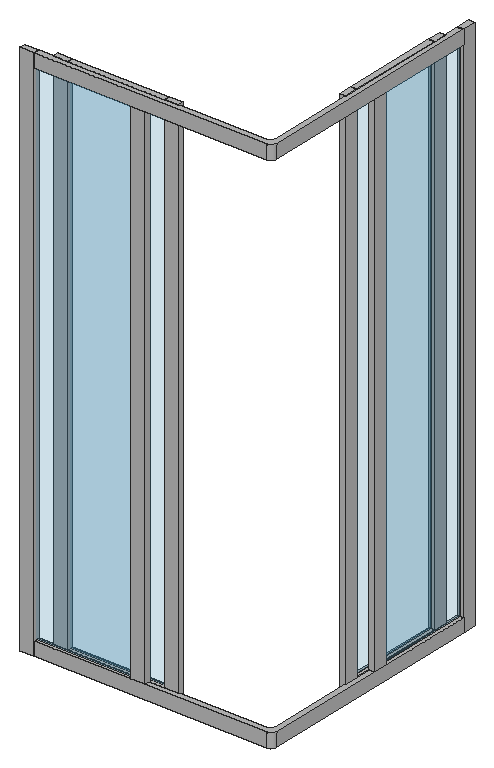
Revit family
Parameters (values of type "Ifö Solid, Toned glass, Aluminium profiles, 900mmx900mm")
  Width = 900 mm
  Vertical Profile Width = 20 mm
  Vertical Profile Height = 50 mm
  VVS Number = "673861492"
  URL = "www.maxsibbern.dk"
  Reseller = "Max Sibbern A/S"
  Profiles Top_Bottom = yes
  Profile Material = Ifö_Aluminium
  Pane Material = Ifö_Toned Glass
  Pane Height = if(Profiles Top_Bottom, (Height - 100 mm), Height)  # 1850 mm
  Model = "Ifö Sohwer Corner, Rectangular"
  Manufacturer = "Ifö"
  Length = 900 mm
  Ifö Number = "0606583"
  Height = 1950 mm
  Handles = no
  Half Width = (Width / 2)  # 450 mm
  Half Length = (Length / 2)  # 450 mm
  Frame Profie Width = 20 mm
  Frame Profie Height = 50 mm
  CE Labeling = "yes"
  Assembly Code = "D2010"
Types (5, lengths in mm): name | VVS Number | Profile Material | Pane Material | Ifö Number
  Ifö Solid, Clear glass, Aluminium profiles, 900mmx900mm | "673861092" | Ifö_Aluminium | Ifö_Glass | "0606581"
  Ifö Solid, Clear glass, White profiles, 900mmx900mm | "673861090" | Ifö_White Aluminium | Ifö_Glass | "0606580"
  Ifö Solid, Printed glass, White profiles, 900mmx900mm | "673861290" | Ifö_White Aluminium | Ifö_Printed Glass | "0606582"
  Ifö Solid, Printed glass, Aluminium profiles, 900mmx900mm | "673861292" | Ifö_Aluminium | Ifö_Printed Glass | "0606585"
  Ifö Solid, Toned glass, Aluminium profiles, 900mmx900mm | "673861492" | Ifö_Aluminium | Ifö_Toned Glass | "0606583"
Reference planes
  plane 1 "Front": y = -10
  plane 2: z = 0
  plane 3 "Right": x = 10
  plane 4: z = 1950
  plane 5: z = 1900
  plane 6: z = 50
  plane 7 "Center (Left/Right)": x = -900
  plane 8: x = -850
  plane 9: x = -450
  plane 10: x = -500
  plane 11: y = 10
  plane 12: x = -344.725
  plane 13: x = -394.725
  plane 14: x = -794.725
  plane 15: x = -744.725
  plane 16: x = -569.725
  plane 17: y = 0
  plane 18: y = 10
  plane 19: y = -10
  plane 20: y = 2
  plane 21: y = -2
  plane 22: y = 30
  plane 23: y = 20
  plane 24: y = 18
  plane 25: y = 22
  plane 26: y = 30
  plane 27: y = 10
  plane 28: x = -10
  plane 29: y = 850
  plane 30 "Center (Front/Back)": y = 900
  plane 31: x = 0
  plane 32: x = -2
  plane 33: x = 2
  plane 34: y = 450
  plane 35: y = 500
  plane 36: y = 570
  plane 37: y = 795
  plane 38: y = 345
  plane 39: y = 395
  plane 40: y = 745
  plane 41: x = 10
  plane 42: x = -10
  plane 43: x = -30
  plane 44: x = -20
  plane 45: x = -22
  plane 46: x = -18
  plane 47: x = -30
  plane 48: x = -10
  plane 49: z = 975
  plane 50: x = -424.725
  plane 51: y = -17
  plane 52: y = 425
  plane 53: x = 17
  plane 54: y = 10
  plane 55: y = -10
  plane 56: x = 0
  plane 57: x = 10
  plane 58: x = -10
  plane 59: z = 1900
  plane 60: z = 50
  plane 61: z = 1900
  plane 62: z = 50
Forms (mm)
  Extrusion 1, solid, material "Ifö_Aluminium" <- "Profile Material"
    sketch origin (0, -10, 0) x (1, 0, 0) y (0, 0, 1)
      loop
        line (-900, 1950) -> (-900, 0) -> (-850, 0) -> (-850, 1950) -> (-900, 1950)
    from -20 to 0
  Extrusion 2, solid, material "Ifö_Aluminium" <- "Profile Material"
    sketch origin (0, -10, 0) x (1, 0, 0) y (0, 0, 1)
      loop
        line (-394.725, 1950) -> (-394.725, 0) -> (-344.725, 0) -> (-344.725, 1950) -> (-394.725, 1950)
    from -40 to -20
  Extrusion 3, solid, material "Ifö_Aluminium" <- "Profile Material"
    sketch origin (0, -10, 0) x (1, 0, 0) y (0, 0, 1)
      loop
        line (-794.725, 1950) -> (-794.725, 0) -> (-744.725, 0) -> (-744.725, 1950) -> (-794.725, 1950)
    from -40 to -20
  Extrusion 4, solid, material "Ifö_Aluminium" <- "Profile Material", visible <- "Profiles Top_Bottom"
    sketch origin (0, -10, 0) x (1, 0, 0) y (0, 0, 1)
      loop
        line (-744.725, 50) -> (-744.725, 0) -> (-394.725, 0) -> (-394.725, 50) -> (-744.725, 50)
    from -40 to -20
  Extrusion 5, solid, material "Ifö_Aluminium" <- "Profile Material", visible <- "Profiles Top_Bottom"
    sketch origin (0, -10, 0) x (1, 0, 0) y (0, 0, 1)
      loop
        line (-744.725, 1950) -> (-744.725, 1900) -> (-394.725, 1900) -> (-394.725, 1950) -> (-744.725, 1950)
    from -20 to -40
  Extrusion 6, solid, material "Ifö_Toned Glass" <- "Pane Material"
    sketch origin (0, -10, 0) x (1, 0, 0) y (0, 0, 1)
      loop
        line (-850, 1900) -> (-850, 50) -> (-500, 50) -> (-500, 1900) -> (-850, 1900)
    from -12 to -8
  Extrusion 7, solid, material "Ifö_Toned Glass" <- "Pane Material"
    sketch origin (0, -10, 0) x (1, 0, 0) y (0, 0, 1)
      loop
        line (-744.725, 1900) -> (-744.725, 50) -> (-394.725, 50) -> (-394.725, 1900) -> (-744.725, 1900)
    from -32 to -28
  Extrusion 8, solid, material "Ifö_Aluminium" <- "Profile Material"
    sketch origin (0, 0, 0) x (1, 0, 0) y (0, 1, 0)
      loop
        line (-10, 900) -> (-10, 850) -> (10, 850) -> (10, 900) -> (-10, 900)
    from 0 to 1950
  Extrusion 9, solid, material "Ifö_Aluminium" <- "Profile Material"
    sketch origin (0, 0, 0) x (1, 0, 0) y (0, 1, 0)
      loop
        line (-10, 450) -> (10, 450) -> (10, 500) -> (-10, 500) -> (-10, 450)
    from 50 to 1900
  Extrusion 10, solid, material "Ifö_Toned Glass" <- "Pane Material"
    sketch origin (0, 0, 0) x (1, 0, 0) y (0, 1, 0)
      loop
        line (2, 850) -> (-2, 850) -> (-2, 500) -> (2, 500) -> (2, 850)
    from 50 to 1900
  Extrusion 11, solid, material "Ifö_Aluminium" <- "Profile Material"
    sketch origin (0, 0, 0) x (1, 0, 0) y (0, 1, 0)
      loop
        line (-30, 745) -> (-10, 745) -> (-10, 795) -> (-30, 795) -> (-30, 745)
    from 0 to 1950
  Extrusion 12, solid, material "Ifö_Aluminium" <- "Profile Material"
    sketch origin (0, 0, 0) x (1, 0, 0) y (0, 1, 0)
      loop
        line (-30, 395) -> (-30, 345) -> (-10, 345) -> (-10, 395) -> (-30, 395)
    from 0 to 1950
  Extrusion 13, solid, material "Ifö_Aluminium" <- "Profile Material", visible <- "Profiles Top_Bottom"
    sketch origin (0, 0, 0) x (1, 0, 0) y (0, 1, 0)
      loop
        line (-10, 745) -> (-30, 745) -> (-30, 395) -> (-10, 395) -> (-10, 745)
    from 0 to 50
  Extrusion 14, solid, material "Ifö_Aluminium" <- "Profile Material", visible <- "Profiles Top_Bottom"
    sketch origin (0, 0, 0) x (1, 0, 0) y (0, 1, 0)
      loop
        line (-30, 745) -> (-30, 395) -> (-10, 395) -> (-10, 745) -> (-30, 745)
    from 1950 to 1900
  Extrusion 15, solid, material "Ifö_Toned Glass" <- "Pane Material"
    sketch origin (0, 0, 0) x (1, 0, 0) y (0, 1, 0)
      loop
        line (-18, 395) -> (-18, 745) -> (-22, 745) -> (-22, 395) -> (-18, 395)
    from 50 to 1900
  Extrusion 16, solid, material "Ifö_Aluminium" <- "Profile Material", visible <- "Handles"
    sketch origin (0, -10, 0) x (1, 0, 0) y (0, 0, 1)
      loop
        circle (-424.725, 975) r 20
    from -28 to 7
  Extrusion 17, solid, material "Ifö_Aluminium" <- "Profile Material", visible <- "Handles"
    sketch origin (10, 0, 0) x (0, 1, 0) y (0, 0, 1)
      loop
        circle (425, 975) r 20
    from -28 to 7
  Extrusion 18, solid, material "Ifö_Aluminium" <- "Profile Material"
    sketch origin (0, 0, 0) x (0, -1, 0) y (1, 0, 0)
      loop
        line (-10, -450) -> (-10, -500) -> (10, -500) -> (10, -450) -> (-10, -450)
    from 50 to 1900
  Extrusion 19, solid, material "Ifö_Aluminium" <- "Profile Material"
    sketch origin (0, 0, 0) x (1, 0, 0) y (0, 1, 0)
      loop
        line (-850, 10) -> (-850, -10) -> (-10, -10)
        arc (-10, -10) -> (4.142, -4.142) -> (10, 10) r 20
        line (10, 10) -> (10, 850) -> (-10, 850) -> (-10, 30)
        arc (-10, 30) -> (-15.858, 15.858) -> (-30, 10) r 20
        line (-30, 10) -> (-850, 10)
    from 0 to 50
  Extrusion 20, solid, material "Ifö_Aluminium" <- "Profile Material"
    sketch origin (750, -1524, 1900) x (0, -1, 0) y (-1, 0, 0)
      loop
        line (-1534, 1600) -> (-1534, 780)
        arc (-1534, 780) -> (-1539.858, 765.858) -> (-1554, 760) r 20
        line (-1554, 760) -> (-2374, 760) -> (-2374, 740) -> (-1534, 740)
        arc (-1534, 740) -> (-1519.858, 745.858) -> (-1514, 760) r 20
        line (-1514, 760) -> (-1514, 1600) -> (-1534, 1600)
    from -50 to 0
Dimensions and locks
  "Height": plane 4 to plane 2
  locked: plane 6 to plane 2 at 50
  locked: plane 4 to plane 5 at 50
  "Width": plane 56 to plane 7 "Center (Left/Right)"
  locked: plane 8 to plane 7 "Center (Left/Right)" at 50
  equal spacing: plane 56, plane 9, plane 7 "Center (Left/Right)"
  "Vertical Profile Height": plane 9 to plane 10
  locked: plane 1 "Front" to plane 11 at 20
  "Vertical Profile Height": plane 12 to plane 13
  "Vertical Profile Height": plane 15 to plane 14
  equal spacing: plane 12, plane 16, plane 14
  "Half Width": plane 12 to plane 14
  locked: plane 9 to plane 16 at 119.725
  equal spacing: plane 11, plane 17, plane 1 "Front"
  equal spacing: plane 19, plane 17, plane 18
  "Vertical Profile Width": plane 19 to plane 18
  equal spacing: plane 20, plane 17, plane 21
  locked: plane 20 to plane 21 at 4
  locked: plane 22 to plane 11 at 20
  equal spacing: plane 22, plane 23, plane 11
  equal spacing: plane 25, plane 23, plane 24
  locked: plane 25 to plane 24 at 4
  equal spacing: plane 27, plane 23, plane 26
  "Vertical Profile Width": plane 26 to plane 27
  locked: plane 28 to plane 3 "Right" at 20
  locked: plane 30 "Center (Front/Back)" to plane 29 at 50
  equal spacing: plane 28, plane 31, plane 3 "Right"
  locked: plane 32 to plane 33 at 4
  equal spacing: plane 32, plane 31, plane 33
  "Length": plane 30 "Center (Front/Back)" to plane 17
  equal spacing: plane 30 "Center (Front/Back)", plane 34, plane 17
  "Vertical Profile Height": plane 35 to plane 34
  locked: plane 36 to plane 34 at 120
  equal spacing: plane 37, plane 36, plane 38
  "Half Length": plane 37 to plane 38
  "Vertical Profile Height": plane 39 to plane 38
  "Vertical Profile Height": plane 37 to plane 40
  equal spacing: plane 42, plane 31, plane 41
  "Vertical Profile Width": plane 42 to plane 41
  locked: plane 43 to plane 28 at 20
  equal spacing: plane 43, plane 44, plane 28
  locked: plane 45 to plane 46 at 4
  equal spacing: plane 45, plane 44, plane 46
  equal spacing: plane 47, plane 44, plane 48
  "Vertical Profile Width": plane 47 to plane 48
  equal spacing: plane 4, plane 49, plane 2
  locked: plane 13 to plane 50 at 30
  locked: plane 24 to plane 51 at 35
  locked: plane 39 to plane 52 at 30
  locked: plane 46 to plane 53 at 35
  equal spacing: plane 54, plane 17, plane 55
  "Frame Profie Width": plane 54 to plane 55
  equal spacing: plane 58, plane 56, plane 57
  "Frame Profie Width": plane 58 to plane 57
  "Frame Profie Height": plane 60 to level
  "Frame Profie Height": plane 4 to plane 59
  equal spacing: Extrusion 18 sketch curve, plane 17, Extrusion 18 sketch curve
  "Vertical Profile Width": Extrusion 18 sketch curve to Extrusion 18 sketch curve
  equal spacing: plane 61, plane 49, plane 62
  "Pane Height": plane 61 to plane 62
  plane 17 to plane 19 = 10 mm
  aligned and locked: level to plane 2
  aligned and locked: Extrusion 1 sketch curve to plane 7 "Center (Left/Right)"
  aligned and locked: Extrusion 1 sketch curve to plane 8
  aligned and locked: Extrusion 1 sketch curve to plane 2
  aligned and locked: Extrusion 1 sketch curve to plane 4
  aligned and locked: plane 11 to Extrusion 1
  aligned and locked: plane 1 "Front" to Extrusion 1
  aligned and locked: Extrusion 2 sketch curve to plane 13
  aligned and locked: Extrusion 2 sketch curve to plane 12
  aligned and locked: Extrusion 2 sketch curve to plane 4
  aligned and locked: Extrusion 2 sketch curve to plane 2
  aligned: Extrusion 2 to plane 1 "Front"
  aligned and locked: Extrusion 3 sketch curve to plane 14
  aligned and locked: Extrusion 3 sketch curve to plane 15
  aligned and locked: Extrusion 3 sketch curve to plane 4
  aligned and locked: Extrusion 3 sketch curve to plane 2
  aligned: Extrusion 3 to plane 1 "Front"
  aligned and locked: Extrusion 4 sketch curve to plane 6
  aligned and locked: Extrusion 4 sketch curve to plane 2
  aligned and locked: Extrusion 4 sketch curve to plane 13
  aligned and locked: Extrusion 4 sketch curve to plane 15
  aligned: Extrusion 4 to plane 1 "Front"
  aligned and locked: Extrusion 5 sketch curve to plane 4
  aligned and locked: Extrusion 5 sketch curve to plane 5
  aligned and locked: Extrusion 5 sketch curve to plane 13
  aligned and locked: Extrusion 5 sketch curve to plane 15
  aligned: Extrusion 5 to plane 1 "Front"
  aligned and locked: Extrusion 6 sketch curve to plane 8
  aligned and locked: Extrusion 6 sketch curve to plane 10
  aligned: plane 20 to Extrusion 6
  aligned: Extrusion 6 to plane 21
  aligned and locked: Extrusion 7 sketch curve to plane 15
  aligned and locked: Extrusion 7 sketch curve to plane 13
  aligned and locked: plane 11 to Extrusion 5
  aligned and locked: plane 22 to Extrusion 5
  aligned: plane 11 to Extrusion 3
  aligned: plane 22 to Extrusion 3
  aligned: plane 22 to Extrusion 2
  aligned: Extrusion 2 to plane 18
  aligned and locked: plane 22 to Extrusion 4
  aligned and locked: Extrusion 4 to plane 11
  aligned and locked: plane 25 to Extrusion 7
  aligned and locked: Extrusion 7 to plane 24
  aligned and locked: plane 27 to Extrusion 2
  aligned and locked: plane 26 to Extrusion 2
  aligned and locked: Extrusion 8 sketch curve to plane 30 "Center (Front/Back)"
  aligned and locked: Extrusion 8 sketch curve to plane 29
  aligned and locked: Extrusion 8 sketch curve to plane 3 "Right"
  aligned and locked: Extrusion 8 sketch curve to plane 28
  aligned and locked: Extrusion 8 to plane 2
  aligned and locked: plane 4 to Extrusion 8
  aligned and locked: Extrusion 9 sketch curve to plane 34
  aligned and locked: Extrusion 9 sketch curve to plane 35
  aligned: Extrusion 9 to plane 6
  aligned: Extrusion 9 to plane 5
  aligned and locked: Extrusion 10 sketch curve to plane 33
  aligned and locked: Extrusion 10 sketch curve to plane 32
  aligned and locked: Extrusion 10 sketch curve to plane 29
  aligned and locked: Extrusion 10 sketch curve to plane 35
  aligned: Extrusion 10 to plane 6
  aligned: Extrusion 10 to plane 5
  aligned and locked: Extrusion 11 sketch curve to plane 40
  aligned and locked: Extrusion 11 sketch curve to plane 37
  aligned: Extrusion 11 to plane 6
  aligned: Extrusion 11 to plane 5
  aligned and locked: plane 41 to Extrusion 9 sketch curve
  aligned and locked: plane 42 to Extrusion 9 sketch curve
  aligned and locked: plane 47 to Extrusion 12 sketch curve
  aligned and locked: plane 48 to Extrusion 12 sketch curve
  aligned and locked: Extrusion 12 sketch curve to plane 39
  aligned and locked: plane 38 to Extrusion 12 sketch curve
  aligned and locked: Extrusion 12 to plane 2
  aligned and locked: plane 4 to Extrusion 12
  aligned: Extrusion 11 to plane 2
  aligned: plane 4 to Extrusion 11
  aligned and locked: Extrusion 13 sketch curve to plane 28
  aligned and locked: Extrusion 13 sketch curve to plane 43
  aligned and locked: Extrusion 13 sketch curve to plane 39
  aligned and locked: Extrusion 13 sketch curve to plane 40
  aligned and locked: Extrusion 13 to plane 2
  aligned and locked: plane 6 to Extrusion 13
  aligned and locked: Extrusion 14 sketch curve to plane 40
  aligned and locked: Extrusion 14 sketch curve to plane 39
  aligned and locked: Extrusion 14 sketch curve to plane 28
  aligned and locked: Extrusion 14 sketch curve to plane 43
  aligned and locked: plane 4 to Extrusion 14
  aligned and locked: plane 5 to Extrusion 14
  aligned and locked: Extrusion 15 sketch curve to plane 46
  aligned and locked: Extrusion 15 sketch curve to plane 45
  aligned and locked: Extrusion 15 sketch curve to plane 40
  aligned and locked: Extrusion 15 sketch curve to plane 39
  aligned: Extrusion 15 to plane 6
  aligned: Extrusion 15 to plane 5
  aligned and locked: plane 50 to Extrusion 16 sketch curve
  aligned and locked: plane 49 to Extrusion 16 sketch curve
  aligned and locked: plane 24 to Extrusion 16
  aligned and locked: plane 52 to Extrusion 17 sketch curve
  aligned and locked: plane 49 to Extrusion 17 sketch curve
  aligned and locked: plane 46 to Extrusion 17
  aligned and locked: plane 53 to Extrusion 17
  aligned and locked: Extrusion 9 to plane 60
  aligned and locked: Extrusion 9 to plane 59
  aligned and locked: plane 26 to Extrusion 3
  aligned and locked: Extrusion 3 to Extrusion 2
  aligned and locked: plane 47 to Extrusion 11 sketch curve
  aligned and locked: Extrusion 11 sketch curve to Extrusion 12
  aligned and locked: Extrusion 10 to plane 59
  aligned and locked: Extrusion 10 to plane 60
  aligned and locked: Extrusion 6 sketch curve to plane 59
  aligned and locked: Extrusion 6 sketch curve to plane 60
  aligned and locked: Extrusion 18 to plane 60
  aligned and locked: Extrusion 18 to plane 59
  aligned and locked: plane 56 to plane 31
  aligned and locked: plane 54 to Extrusion 19 sketch curve
  aligned and locked: Extrusion 19 sketch curve to plane 8
  aligned and locked: plane 58 to Extrusion 19 sketch curve
  aligned and locked: Extrusion 19 sketch curve to plane 29
  aligned and locked: Extrusion 19 to Extrusion 6
  aligned and locked: plane 54 to Extrusion 20 sketch curve
  aligned and locked: Extrusion 20 sketch curve to plane 55
  aligned and locked: Extrusion 20 sketch curve to plane 8
  aligned and locked: Extrusion 20 sketch curve to plane 57
  aligned and locked: plane 58 to Extrusion 20 sketch curve
  aligned and locked: Extrusion 20 sketch curve to plane 29
  aligned and locked: plane 4 to Extrusion 20
  aligned and locked: Extrusion 20 to Extrusion 6
  aligned and locked: Extrusion 19 sketch curve to Extrusion 20
  aligned and locked: Extrusion 7 sketch curve to plane 61
  aligned and locked: Extrusion 7 sketch curve to plane 62
  aligned and locked: plane 61 to Extrusion 15
  aligned and locked: Extrusion 15 to plane 62
Automatic sketch dimensions
  Extrusion 11 sketch curve to plane 40 = 0 mm
  Extrusion 18 sketch curve to plane 9 = 0 mm
  Extrusion 18 sketch curve to plane 10 = 0 mm
  Extrusion 19 sketch curve to plane 58 = 20 mm
  plane 54 to Extrusion 20 sketch curve = 0 mm
  plane 54 to Extrusion 20 sketch curve = 20 mm
  radius of Extrusion 16 sketch curve = 20 mm
  radius of Extrusion 17 sketch curve = 20 mm
